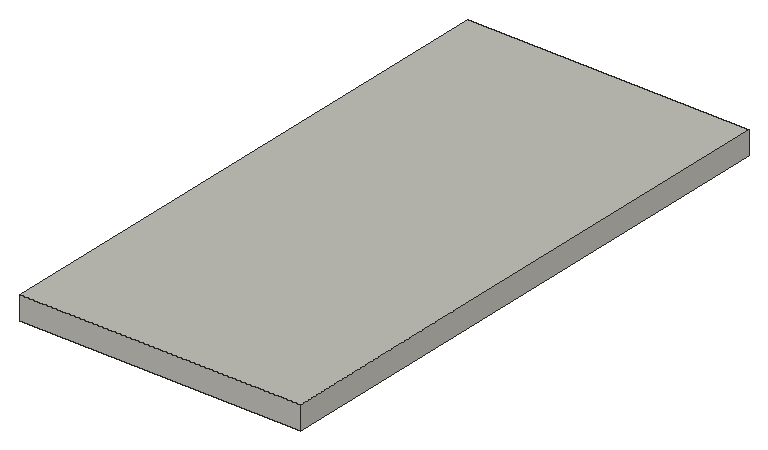
Revit family "Cambio Wall Systems - Acoustic - Fabric 18x36", category Generic Models, host Face, Revit 2023
Family settings
  Host = Face
  Can host rebar = No
  Round Connector Dimension = Use Diameter
  Part Type = Normal
  Cut with Voids When Loaded = No
  Maintain Annotation Orientation = No
  Shared = No
  Room Calculation Point = No
Parameters (values of type "Fabric Color - ZINC")
  Default Elevation = 4' - 0"
  Cambio Material = Cambio Fabric - Zinc
Types (13): name | Cambio Material
  Fabric Color - ZINC | Cambio Fabric - Zinc
  Fabric Color - TAUPE | Cambio Fabric - Taupe
  Fabric Color - STERLING | Cambio Fabric - Sterling
  Fabric Color - SLATE | Cambio Fabric - Sterling
  Fabric Color - SHADOW | Cambio Fabric - Shadow
  Fabric Color - SAND | Cambio Fabric - Sand
  Fabric Color - PEBBLE | Cambio Fabric - Pebble
  Fabric Color - PATINA | Cambio Fabric - Patina
  Fabric Color - NECTAR | Cambio Fabric - Nectar
  Fabric Color - FLINT | Cambio Fabric - Flint
  Fabric Color - FELDSPAR | Cambio Fabric - Feldspar
  Fabric Color - CHARCOAL | Cambio Fabric - Charcoal
  Fabric Color - ALMOND | Cambio Fabric - Almond
Reference planes (in)
  plane 1 "Center (Front/Back)": y = 0
  plane 2: z = 0
  plane 3 "Center (Left/Right)": x = 0
Forms (in)
  Extrusion 1, solid, material "Cambio Fabric - Zinc" <- "Cambio Material"
    sketch origin (0, 0, 0) x (1, 0, 0) y (0, 1, 0)
      loop
        line (-9, 18) -> (-9, -18) -> (9, -18) -> (9, 18) -> (-9, 18)
    from 0 to 1.5
Dimensions and locks (in)
  Extrusion 1 sketch curve to plane 3 "Center (Left/Right)" to Extrusion 1 sketch curve = 0' - 9" locked, 0' - 9" locked
  Extrusion 1 sketch curve to plane 1 "Center (Front/Back)" to Extrusion 1 sketch curve = 1' - 6" locked, 1' - 6" locked
  aligned and locked: plane 2 to host face
  aligned and locked: level to host face
